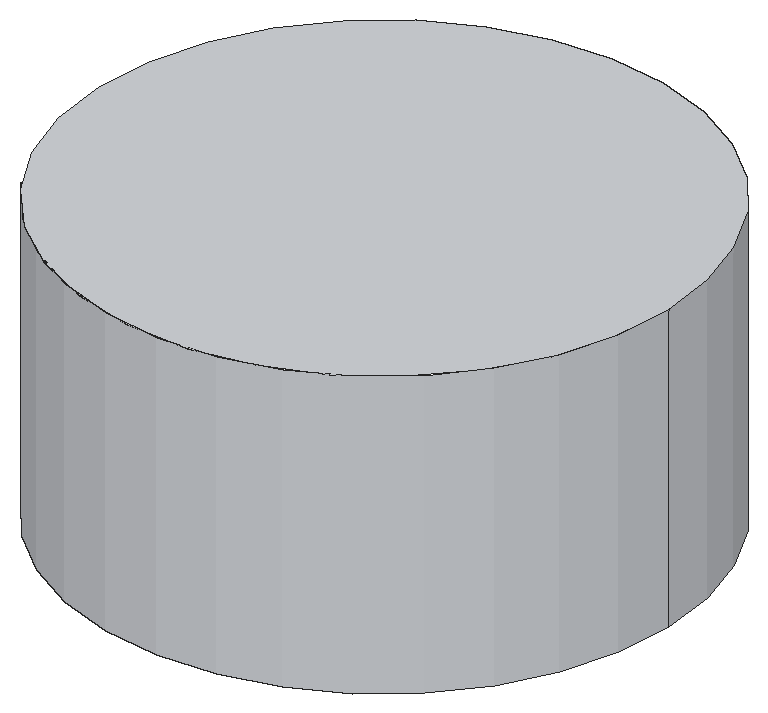
Revit family "10101650", category Specialty Equipment, Revit 2023
Family settings
  Round Connector Dimension = Use Diameter
  Part Type = Normal
  OmniClass Number = 23.40.40.00
  OmniClass Title = Food Service Equipment and Furnishings
  Work Plane-Based = No
  Enable Cutting in Views = Yes
  Always vertical = Yes
  Cut with Voids When Loaded = No
  Maintain Annotation Orientation = No
  Shared = No
  Room Calculation Point = No
Parameters (values of type "Standard")
  URL = "https://www.rustfriebergh.no/produkter/serveringsdisker/serveringsdisker-2/serveringsmonter-rbk-drop-in"
  Model = "10101650"
  Manufacturer = "RUSTFRIEBERGH AS"
  Description = "Serveringsmonter RBK-1600-DI"
  Default Elevation = 0 mm
Reference planes
  plane 1 "Center (Front/Back)": y = 0
  plane 2: z = 0
  plane 3 "Center (Left/Right)": x = 0
Forms (mm)
  Extrusion 1, solid
    sketch origin (-195.731, 1.5, 502.3) x (1, 0, 0) y (0, 1, 0)
      loop
        circle (0, 0) r 3.048
    from 0 to -3.048
Dimensions and locks
  aligned and locked: level to plane 2
Connectors
  electrical at (-195.731, 1.5, 502.3)
    settings: on Extrusion 1, index 1, voltage 230 V, apparent load 850 VA, apparent load phase1 0 VA, apparent load phase2 0 VA, apparent load phase3 0 VA, power factor 0, load classification "Other", number of poles 1, system type 30, power factor state 1, is connector primary yes, connector utility no, sub classification motor no, connector description "Strømart"
